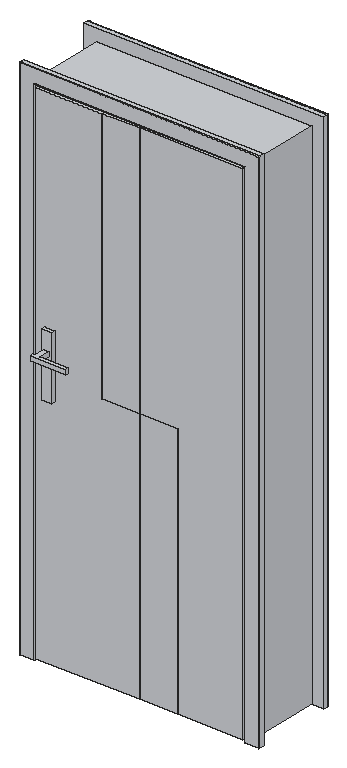
Revit family "NaturaIMPRESSbp_2", category Drzwi, Revit 2016
Family settings
  Obiekt nadrzędny = Ściana
  Zawsze pionowo = Tak
  Tnij formami wycięć po wczytaniu = Nie
  Współdzielony = Nie
  Punkt obliczania pomieszczeń = Nie
Parameters (values of type "PN 80")
  Zakres szerokości muru [instance] = if(and(Szerokość ściany > 94 mm, Szerokość ściany < 120 mm), "B", (if(and(Szerokość ściany > 119 mm, Szerokość ściany < 140 mm), "C", (if(and(Szerokość ściany > 139 mm, Szerokość ściany < 160 mm), "D", (if(and(Szerokość ściany > 159 mm, Szerokość ściany < 180 mm), "E", (if(and(Szerokość ściany > 179 mm, Szerokość ściany < 200 mm), "F", (if(and(Szerokość ściany > 199 mm, Szerokość ściany < 220 mm), "G", (if(and(Szerokość ściany > 219 mm, Szerokość ściany < 240 mm), "H", (if(and(Szerokość ściany > 239 mm, Szerokość ściany < 260 mm), "I", (if(and(Szerokość ściany > 259 mm, Szerokość ściany < 280 mm), "J", (if(and(Szerokość ściany > 279 mm, Szerokość ściany < 301 mm), "K", "BRAK")))))))))))))))))))  # "K"
  Wysokość brutto = 2060 mm
  Szerokość ściany [instance] = 300 mm
  Szerokość brutto = 880 mm
  Model = "Natura IMPRESS 2"
  Materiał_relief = none
  Konstrukcja analityczna = "<Brak>"
  Funkcja = Wewnętrzna
  URL = "www.porta.com.pl"
  Ss = 818 mm
  Sb = 846 mm
  Producent = "PORTA KMI POLAND"  # constant formula
  Keynote = ""
  Opis = "Własność Porta KMI Poland, wszelkie prawa zastrzeżone."  # constant formula
  Wysokość = 2016 mm
  Zakończenie ściany = Wg obiektu nadrzędnego
  Szerokość = 800 mm
  Materiał_skrzydło [instance] = none
  Materiał_ościeżnica [instance] = none
  Materiał_klamka [instance] = none
  Hs = 2017 mm
Types (5, lengths in mm): name | Szerokość brutto | Ss | Sb | Szerokość
  PN 70 | 780 | 718 | 746 | 700
  PN 60 | 680 | 618 | 646 | 600
  PN 80 | 880 | 818 | 846 | 800
  PN 90 | 980 | 918 | 946 | 900
  PN 100 | 1080 | 1018 | 1046 | 1000
Reference planes
  plane 1: y = 0
  plane 2 "Środek (Lewa/Prawa)": x = 0
  plane 3 "Lewy": x = -440
  plane 4 "Prawy": x = 440
  plane 5: z = 2060
  plane 6 "Zewnętrzna": y = 150
  plane 7 "Wewnętrzna": y = -150
  plane 8 "skrzydło": y = -129
  plane 9: x = -409
  plane 10: x = 409
Forms (mm)
  Sweep 1, solid, material <- "Materiał_ościeżnica"
    path in 3D
      loop
        line (-440, -150, 0) -> (-440, -150, 2060) -> (440, -150, 2060) -> (440, -150, 0)
    profile origin (-440, -150, 1030) x (0, -1, 0) y (1, 0, 0)
      loop
        line (-24, 39) -> (-72, 39) -> (-72, 17) -> (0, 17) -> (0, -33) -> (16, -33)
        arc (16, -33) -> (18.121, -32.121) -> (19, -30) r 3
        line (19, -30) -> (19, 24)
        arc (19, 24) -> (18.121, 26.121) -> (16, 27) r 3
        line (16, 27) -> (-24, 27) -> (-24, 39)
  Sweep 2, solid, material <- "Materiał_ościeżnica"
    path in 3D
      loop
        line (440, 150, 0) -> (440, 150, 2060) -> (-440, 150, 2060) -> (-440, 150, 0)
    profile origin (-440, 150, 1030) x (1, 0, 0) y (0, 1, 0)
      loop
        line (-33, 0) -> (17, 0) -> (17, -228) -> (39, -228) -> (39, -1)
        arc (39, -1) -> (37.536, 2.536) -> (34, 4) r 5
        line (34, 4) -> (25, 4) -> (25, 16)
        arc (25, 16) -> (24.121, 18.121) -> (22, 19) r 3
        line (22, 19) -> (-30, 19)
        arc (-30, 19) -> (-32.121, 18.121) -> (-33, 16) r 3
        line (-33, 16) -> (-33, 0)
  Sweep 3, solid, not visible
    path in 3D
      loop
        line (-440, -150, 0) -> (-440, -150, 2060)
    profile origin (-440, -150, 1030) x (0, -1, 0) y (1, 0, 0)
      loop
        line (-151, 17) -> (-149, 17) -> (-149, 19) -> (-151, 19) -> (-151, 17)
Cuts and joins
  joined: Sweep 1, Sweep 2
Lines and regions (mm)
  Opening 1
    outline origin (-3050, -150, 0) x (1, 0, 0) y (0, 0, 1)
      loop
        line (2610, 0) -> (3490, 0) -> (3490, 2060) -> (2610, 2060) -> (2610, 0)
  sketch lines
    curve 1: line (-440, -150, 0) -> (-440, -150, 2060)
    curve 2: line (-440, -150, 2060) -> (440, -150, 2060)
    curve 3: line (440, -150, 2060) -> (440, -150, 0)
    curve 4: line (-440, 150, 2060) -> (-440, 150, 0)
    curve 5: line (440, 150, 2060) -> (-440, 150, 2060)
    curve 6: line (440, 150, 0) -> (440, 150, 2060)
    curve 12: line (-440, -150, 0) -> (-440, -150, 2060)
  symbolic lines, style "DoorsPanelProjection"
    curve 7: line (409, -150, 0) -> (409, -968, 0)
    curve 8: line (409, -968, 0) -> (369, -968, 0)
    curve 9: line (369, -968, 0) -> (369, -150, 0)
    curve 10: line (369, -150, 0) -> (409, -150, 0)
  symbolic lines, style "Ugięcie rzutu"
    curve 11: arc (-409, -150, 0) -> (-169.413, -728.413, 0) -> (409, -968, 0) r 818
Text (mm)
  text "Zewnętrzna" at (-2295.016, 1099.543, 0), in view "Poziom odniesienia"
  text "Zewnętrzna" at (0, 1615.38, 3698.081), in view "Lewy"
  text "Zewnętrzna" at (0, 1036.032, 3874.932), in view "Prawy"
Dimensions and locks
  equal spacing: plane 3 "Lewy", plane 2 "Środek (Lewa/Prawa)", plane 4 "Prawy"
  "Szerokość brutto": plane 3 "Lewy" to plane 4 "Prawy"
  "Wysokość brutto": plane 5 to host wall
  host wall to plane 5 = 2060 mm  (x2)
  locked: plane 6 "Zewnętrzna" to host wall at 0
  locked: plane 7 "Wewnętrzna" to host wall
  "Sb": Sweep 1 to Sweep 1
  locked: Sweep 1 sketch curve to Sweep 1 sketch curve at 22
  Sweep 1 sketch curve to Sweep 1 sketch curve = 50 mm
  locked: Sweep 1 sketch curve to profile plane at 72
  locked: Sweep 2 sketch curve to Sweep 2 sketch curve at 50
  locked: Sweep 2 sketch curve to Sweep 2 sketch curve at 22
  locked: Sweep 2 sketch curve to plane 6 "Zewnętrzna" at 1
  locked: curve 9 to curve 7 at 40
  "Ss": curve 8 to curve 10
  equal spacing: curve 11, plane 2 "Środek (Lewa/Prawa)", curve 7
  locked: plane 7 "Wewnętrzna" to plane 8 "skrzydło" at 21
  locked: host wall to Sweep 3 sketch curve at 1
  locked: Sweep 3 sketch curve to host wall at 1
  locked: Sweep 3 sketch curve to plane 6 "Zewnętrzna" at 151
  locked: plane 7 "Wewnętrzna" to Sweep 3 sketch curve at 151
  nested 1 to plane 2 "Środek (Lewa/Prawa)" to nested 1 = 409 mm, 409 mm
  locked: nested 1 to level at 8
  "Szerokość ściany": host wall to host wall
  equal spacing: plane 9, plane 2 "Środek (Lewa/Prawa)", plane 10
  "Ss": plane 9 to plane 10
  aligned and locked: plane 3 "Lewy" to Opening 1 sketch curve
  aligned and locked: plane 5 to Opening 1 sketch curve  (x2)
  aligned and locked: Opening 1 sketch curve to plane 4 "Prawy"
  aligned and locked: Opening 1 sketch curve to level
  aligned and locked: plane 1 to host wall
  aligned and locked: Sweep 1 to Sweep 2 sketch curve
  aligned and locked: plane 7 "Wewnętrzna" to curve 10
  aligned and locked: Sweep 3 sketch curve to cut or joined group of Sweep 1, Sweep 2
  aligned and locked: Sweep 2 sketch curve to cut or joined group of Sweep 1, Sweep 2
  aligned and locked: nested 1 to plane 8 "skrzydło"
  aligned and locked: nested 1 to plane 9
Automatic sketch dimensions
  profile plane to Sweep 1 sketch curve = 24 mm
  Sweep 1 sketch curve to profile plane = 16 mm  (x2)
  Sweep 1 sketch curve to Sweep 1 sketch curve = 3 mm
  profile plane to Sweep 1 sketch curve = 17 mm
  Sweep 1 sketch curve to Sweep 1 sketch curve = 7 mm
  Sweep 1 sketch curve to profile plane = 0 mm
  Sweep 2 sketch curve to profile plane = 0 mm
  Sweep 2 sketch curve to profile plane = 16 mm
  Sweep 2 sketch curve to Sweep 2 sketch curve = 3 mm
  Sweep 2 sketch curve to Sweep 2 sketch curve = 5 mm
  Sweep 2 sketch curve to profile plane = 4 mm
  Sweep 2 sketch curve to Sweep 2 sketch curve = 8 mm
  curve 11 to host wall = 0 mm
  Sweep 3 sketch curve to Sweep 3 sketch curve = 2 mm
Nested families
  nested 1: "skrzydło" at (0, -135.5, 0), type "skrzydło"
Definition of nested family "skrzydło"
  Parameters
    Ss = 818 mm
    Materiał_skrzydło = none
    Materiał_klamka = none
    Materiał relief = none
    Hs = 2017 mm
  Reference planes
    plane 1 "Tył": y = 6.5
    plane 2: z = 0
    plane 3 "Środek (Lewa/Prawa)": x = 0
    plane 4 "Przód": y = -33.5
    plane 5: z = 2025
    plane 6 "Centrum": y = -13.5
    plane 7: z = 8
    plane 8: x = -409
    plane 9: x = 409
    plane 10: x = -150
    plane 11: x = 150
    plane 12: z = 1016.5
  Forms (mm)
    Extrusion 1, solid, material <- "Materiał_skrzydło"
      sketch origin (-892.016, -13.5, 1200) x (-1, 0, 0) y (0, 0, 1)
        loop
          line (-1301.016, -1192) -> (-1042.016, -1192) -> (-1042.016, -183.5) -> (-892.016, -183.5) -> (-892.016, 825) -> (-1301.016, 825) -> (-1301.016, -1192)
      from 20 to -20
    Extrusion 2, solid, material <- "Materiał relief"
      sketch origin (0, 6.5, 0) x (1, 0, 0) y (0, 0, 1)
        loop
          line (-150, 2025) -> (-150, 1016.5) -> (0, 1016.5) -> (0, 2025) -> (-150, 2025)
      from 0 to 40
    Extrusion 3, solid, material <- "Materiał_skrzydło"
      sketch origin (0, 6.5, 0) x (1, 0, 0) y (0, 0, 1)
        loop
          line (-409, 8) -> (0, 8) -> (0, 1016.5) -> (-150, 1016.5) -> (-150, 2025) -> (-409, 2025) -> (-409, 8)
      from 0 to 40
    Extrusion 4, solid, material <- "Materiał relief"
      sketch origin (0, 6.5, 0) x (1, 0, 0) y (0, 0, 1)
        loop
          line (0, 1016.5) -> (0, 8) -> (150, 8) -> (150, 1016.5) -> (0, 1016.5)
      from 0 to 40
  Dimensions and locks
    locked: plane 7 to level at 8
    "Hs": plane 5 to plane 7
    locked: nested 1 to plane 7 at 934
    locked: plane 7 to nested 2 at 934
    equal spacing: plane 4 "Przód", plane 6 "Centrum", plane 1 "Tył"
    "Ss": plane 8 to plane 9
    locked: plane 8 to nested 1 at 55
    locked: plane 8 to nested 2 at 55
    equal spacing: plane 8, plane 3 "Środek (Lewa/Prawa)", plane 9
    equal spacing: plane 11, plane 3 "Środek (Lewa/Prawa)", plane 10
    equal spacing: plane 5, plane 12, plane 7
    aligned and locked: nested 1 to plane 4 "Przód"
    aligned and locked: nested 2 to nested 1
    aligned and locked: Extrusion 1 sketch curve to plane 9
    aligned and locked: Extrusion 1 to plane 4 "Przód"
    aligned and locked: Extrusion 1 to plane 1 "Tył"
    aligned and locked: Extrusion 2 to plane 4 "Przód"
    aligned and locked: Extrusion 1 sketch curve to plane 11
    aligned and locked: plane 12 to Extrusion 1 sketch curve
    aligned and locked: plane 3 "Środek (Lewa/Prawa)" to Extrusion 1 sketch curve
    aligned and locked: Extrusion 2 sketch curve to plane 10
    aligned and locked: Extrusion 2 sketch curve to plane 5
    aligned and locked: Extrusion 2 sketch curve to plane 3 "Środek (Lewa/Prawa)"
    aligned and locked: Extrusion 2 sketch curve to plane 12
    aligned and locked: Extrusion 3 sketch curve to plane 8
    aligned and locked: Extrusion 3 sketch curve to plane 5
    aligned and locked: Extrusion 3 sketch curve to plane 10
    aligned and locked: Extrusion 3 sketch curve to plane 12
    aligned and locked: Extrusion 3 sketch curve to plane 3 "Środek (Lewa/Prawa)"
    aligned and locked: Extrusion 3 sketch curve to plane 7
    aligned and locked: Extrusion 4 sketch curve to plane 12
    aligned and locked: Extrusion 4 sketch curve to plane 3 "Środek (Lewa/Prawa)"
    aligned and locked: plane 11 to Extrusion 4 sketch curve
    aligned and locked: Extrusion 4 sketch curve to plane 7
  Automatic sketch dimensions
    Extrusion 1 sketch curve to plane 7 = 0 mm
    Extrusion 1 sketch curve to plane 5 = 0 mm
  Nested families
    nested 1: "KLAMKA" at (-354, -33.5, 1067), Materiał klamki <- "Materiał_klamka", type "KLAMKA"
      with Materiał klamki none
    nested 2: "KLAMKA" at (-354, 6.5, 1067), Materiał klamki <- "Materiał_klamka", type "KLAMKA"
      with Materiał klamki none
  Definition of nested family "KLAMKA"
    Parameters
      Materiał klamki [instance] = none
      Assembly Code = ""
      Default Elevation = 1219.2 mm
    Reference planes
      plane 1 "Center (Front/Back)": y = 0
      plane 2: z = 0
      plane 3 "Center (Left/Right)": x = 0
      plane 4: z = 125
      plane 5: z = -125
      plane 6: x = 20
      plane 7: x = -20
      plane 8: y = -70
      plane 9: y = -60
      plane 10: x = 10
      plane 11: x = -10
      plane 12: x = 120
      plane 13: z = 35
      plane 14: z = 55
      plane 15: y = -15
    Forms (mm)
      Extrusion 1, solid, material <- "Materiał klamki"
        sketch origin (0, 0, 0) x (1, 0, 0) y (0, 0, 1)
          loop
            line (-20, 125) -> (-20, -125) -> (20, -125) -> (20, 125) -> (-20, 125)
        from 0 to 15
      Extrusion 2, solid, material <- "Materiał klamki"
        sketch origin (0, 0, 0) x (1, 0, 0) y (0, 1, 0)
          loop
            line (-10, -15) -> (-10, -60) -> (-20, -60) -> (-20, -70) -> (120, -70) -> (120, -60) -> (10, -60) -> (10, -15) -> (-10, -15)
        from 35 to 55
    Dimensions and locks
      equal spacing: plane 4, plane 2, plane 5
      plane 4 to plane 5 = 250 mm
      equal spacing: plane 7, plane 3 "Center (Left/Right)", plane 6
      plane 7 to plane 6 = 40 mm
      plane 8 to plane 1 "Center (Front/Back)" = 70 mm
      plane 11 to plane 3 "Center (Left/Right)" to plane 10 = 10 mm locked, 10 mm locked
      plane 7 to plane 12 = 140 mm
      plane 15 to plane 1 "Center (Front/Back)" = 15 mm
      aligned and locked: plane 7 to Extrusion 1 sketch curve
      aligned and locked: Extrusion 1 sketch curve to plane 4
      aligned and locked: plane 5 to Extrusion 1 sketch curve
      aligned and locked: Extrusion 1 sketch curve to plane 6
      aligned and locked: plane 15 to Extrusion 1
      aligned and locked: Extrusion 1 to plane 1 "Center (Front/Back)"
      aligned and locked: plane 14 to Extrusion 2
      aligned and locked: Extrusion 2 to plane 13
    Automatic sketch dimensions
      Extrusion 2 sketch curve to plane 7 = 0 mm
      Extrusion 2 sketch curve to plane 9 = 0 mm  (x2)
      Extrusion 2 sketch curve to plane 11 = 0 mm
      Extrusion 2 sketch curve to plane 10 = 0 mm
      Extrusion 2 sketch curve to plane 12 = 0 mm
      Extrusion 2 sketch curve to plane 8 = 0 mm
      Extrusion 2 sketch curve to plane 15 = 0 mm
